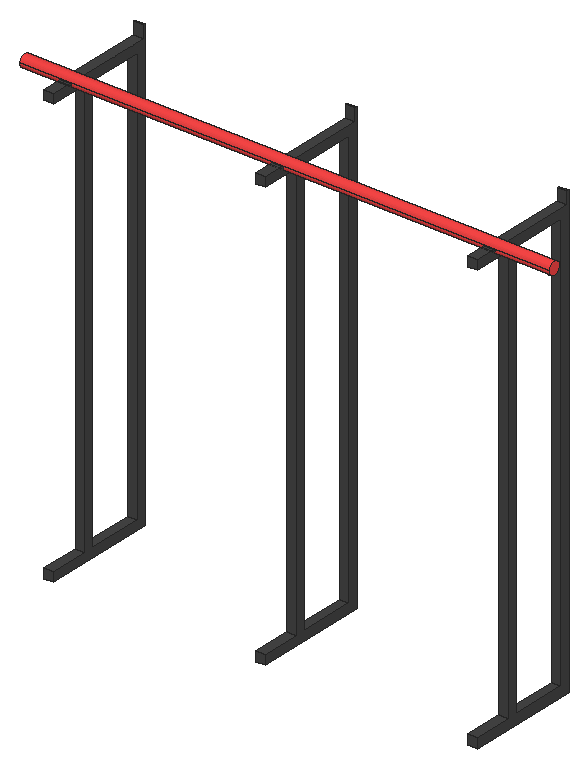
Revit family "Batería de cilindros de 80l en doble fila CO2_Aguilera Extincion", category Equipos especializados, Revit 2017
Family settings
  Anfitrión = Suelo
  Cota de conector redondo = Radio de uso
  Tipo de pieza = Normal
  Número OmniClass = 23.65.20.14.24
  Título OmniClass = Other Gas Storage Vessels
  Siempre vertical = Sí
  Corte con vacíos al cargar = No
  Compartido = Sí
  Punto de cálculo de habitación = No
Parameters (values of type "Batería 14 cilindros CO2 - 80 l")
  URL = "https://aguilera.es/?productos=bateria-formadas-con-botellas-en-doble-fila-para-co2"
  Símbolo texto = yes
  Símbolo = yes
  Radio colector = Diámetro colector / 2  # 31.75 mm
  R = Diámetro / 2  # 133.5 mm
  Número soportes = 3
  Número de cilindros pares = 7
  Número de cilindros impares = 7
  Modelo = "AEX/SBCO1480D"
  Lt = 2830 mm
  Lcc = Lt * 0.9 / (Número soportes - 0.75)  # 1132 mm
  Lc = 340 mm  # constant formula
  Ht = Hc + Diámetro colector  # 2338.5 mm
  Hd = 1770 mm
  H2 = 1200 mm
  H1 = 600 mm
  Fabricante = "Aguilera Extinción"  # constant formula
  Diámetro colector = 63.5 mm
  Descripción = "Batería de cilindros de alta presión de 80l. Fabricados en acero tratado térmicamente, sin soldadura, (según instrucción MIE AP7 de aparatos a presión y Directiva Europea 84/525/CEE). Presión de trabajo 60 bar, presión de prueba 250 bar, temperaturas de servicio de -20ºC a +50ºC. Grabados y pintados según normativa.\r\n\r\nEquipados con válvula principal AE-100 de 1” con apertura neumática a través del cabezal, válvulas antirretorno, latiguillos para el accionamiento neumático de disparo y latiguillos de descarga. Ensamblados en bastidor metálico con doble herraje de fijación y colector de descarga con rosca de acoplamiento a la instalación. Los bastidores pueden ser realizados mediante montaje de botellas en una sola fila o bastidor especial para montaje en doble fila."  # constant formula
  Diámetro = 267 mm
  Hc = 2275 mm  # constant formula
  Cilindro = Cilindro autonomo CO2_Aguilera Extincion : Cilindro autónomo CO2 - 80 l
Types (12, lengths in mm): name | Radio colector | Número soportes | Número de cilindros pares | Número de cilindros impares | Modelo | Lt | Lcc | Ht | Diámetro colector
  (no name) | 31.75 | 3 | 7 | 7 | "AEX/SBCO1480D" | 2830 | 1132 | 2338.5 | 63.5
  Batería 4 cilindros CO2 - 80 l | 15.9 | 2 | 2 | 2 | "AEX/SBCO480D" | 1069 | 769.68 | 2306.8 | 31.8
  Batería 5 cilindros CO2 - 80 l | 15.9 | 2 | 2 | 3 | "AEX/SBCO580D" | 1409 | 1014.48 | 2306.8 | 31.8
  Batería 6 cilindros CO2 - 80 l | 19.05 | 2 | 3 | 3 | "AEX/SBCO680D" | 1409 | 1014.48 | 2313.1 | 38.1
  Batería 7 cilindros CO2 - 80 l | 25.4 | 2 | 3 | 4 | "AEX/SBCO780D" | 1749 | 1259.28 | 2325.8 | 50.8
  Batería 8 cilindros CO2 - 80 l | 25.4 | 2 | 4 | 4 | "AEX/SBCO880D" | 1749 | 1259.28 | 2325.8 | 50.8
  Batería 9 cilindros CO2 - 80 l | 25.4 | 2 | 4 | 5 | "AEX/SBCO980D" | 2089 | 1504.08 | 2325.8 | 50.8
  Batería 10 cilindros CO2 - 80 l | 25.4 | 2 | 5 | 5 | "AEX/SBCO1080D" | 2089 | 1504.08 | 2325.8 | 50.8
  Batería 11 cilindros CO2 - 80 l | 25.4 | 2 | 5 | 6 | "AEX/SBCO1180D" | 2429 | 1748.88 | 2325.8 | 50.8
  Batería 12 cilindros CO2 - 80 l | 31.75 | 2 | 6 | 6 | "AEX/SBCO1280D" | 2429 | 1748.88 | 2338.5 | 63.5
  Batería 13 cilindros CO2 - 80 l | 31.75 | 3 | 6 | 7 | "AEX/SBCO1380D" | 2769 | 1107.6 | 2338.5 | 63.5
  Batería 14 cilindros CO2 - 80 l | 31.75 | 3 | 7 | 7 | "AEX/SBCO1480D" | 2830 | 1132 | 2338.5 | 63.5
Reference planes
  plane 1 "Centro (Frontal/Posterior)": y = 0
  plane 2: z = 0
  plane 3 "Centro (Izquierda/Derecha)": x = 0
  plane 4: y = 133.5
  plane 5: z = 600
  plane 6: z = 1200
  plane 7: z = 1565
  plane 8: z = 1703.58
  plane 9: z = 1770
  plane 10: z = 2275
  plane 11: x = -154
  plane 12: z = 2338.5
  plane 13: x = -600
  plane 14: x = 2230
  plane 15: y = 153.5
  plane 16: x = -380
  plane 17: y = 40.5
  plane 18: z = 2318.5
  plane 19: y = -198.5
  plane 20: y = -311.5
Forms (mm)
  Extrusion 1, solid, material "Acero rojo"
    sketch origin (0, 0, 0) x (0, 1, 0) y (0, 0, 1)
      loop
        circle (-311.5, 2306.75) r 31.75
    from -600 to 2230
Dimensions and locks
  "H1": plane 5 to plane 2
  "H2": plane 6 to plane 2
  "Hd": plane 9 to plane 2
  "Hc": plane 10 to plane 2
  locked: plane 11 to plane 3 "Centro (Izquierda/Derecha)" at 154
  locked: plane 9 to plane 8 at 66.42
  locked: plane 9 to plane 7 at 205
  "R": plane 1 "Centro (Frontal/Posterior)" to plane 4
  "Lt": plane 14 to plane 13
  "Ht": plane 12 to plane 2
  locked: plane 12 to plane 18 at 20
  "Ht": Extrusion 1 sketch curve to plane 2
  equal spacing: group 1, group 2, group 7, group 8, group 10, group 11, group 12  (x3)
  equal spacing: group 3, group 4, group 13  (x3)
  "Lcc": nested 3 to nested 4
  equal spacing: group 5, group 6, group 9, group 14, group 15, group 16, group 17  (x3)
  nested 5 to plane 13 = 446 mm
  "Radio colector": radius of Extrusion 1 sketch curve
  aligned and locked: level to plane 2
  aligned and locked: Extrusion 1 to plane 13
  aligned and locked: plane 14 to Extrusion 1
Automatic sketch dimensions
  Extrusion 1 sketch curve to plane 20 = 0 mm
Nested families
  nested 1: "Cilindro autonomo CO2_Aguilera Extincion" at (-154, 0, 0), type <- "Cilindro", type "Cilindro autónomo CO2 - 80 l", not visible
  nested 2: "Cilindro autonomo CO2_Aguilera Extincion" at (186, 0, 0), type <- "Cilindro", type "Cilindro autónomo CO2 - 80 l", not visible
  nested 3: "Soporte doble" at (0, 153.5, -31.8), type "Soporte doble"
    with Ht 2338.5 mm
  nested 4: "Soporte doble" at (1132, 153.5, -31.8), type "Soporte doble"
    with Ht 2338.5 mm
  nested 5: "Cilindro autonomo CO2_Aguilera Extincion" at (-154, -352, 0), type <- "Cilindro", type "Cilindro autónomo CO2 - 80 l", not visible
  nested 6: "Cilindro autonomo CO2_Aguilera Extincion" at (186, -352, 0), type <- "Cilindro", type "Cilindro autónomo CO2 - 80 l", not visible
  nested 7: "S_Cilindros_Aguilera Extinción" at (1226.5, -135.5, 0), visible <- "Símbolo", type "S_Cilindros_Aguilera Extinción", detail levels coarse
  nested 8: "Cilindro autonomo CO2_Aguilera Extincion" at (526, 0, 0), type <- "Cilindro", type "Cilindro autónomo CO2 - 80 l", not visible
  nested 9: "Cilindro autonomo CO2_Aguilera Extincion" at (866, 0, 0), type <- "Cilindro", type "Cilindro autónomo CO2 - 80 l", not visible
  nested 10: "Cilindro autonomo CO2_Aguilera Extincion" at (526, -352, 0), type <- "Cilindro", type "Cilindro autónomo CO2 - 80 l", not visible
  nested 11: "Cilindro autonomo CO2_Aguilera Extincion" at (1206, 0, 0), type <- "Cilindro", type "Cilindro autónomo CO2 - 80 l", not visible
  nested 12: "Cilindro autonomo CO2_Aguilera Extincion" at (1546, 0, 0), type <- "Cilindro", type "Cilindro autónomo CO2 - 80 l", not visible
  nested 13: "Cilindro autonomo CO2_Aguilera Extincion" at (1886, 0, 0), type <- "Cilindro", type "Cilindro autónomo CO2 - 80 l", not visible
  nested 14: "Soporte doble" at (2264, 153.5, -31.8), type "Soporte doble"
    with Ht 2338.5 mm
  nested 15: "Cilindro autonomo CO2_Aguilera Extincion" at (866, -352, 0), type <- "Cilindro", type "Cilindro autónomo CO2 - 80 l", not visible
  nested 16: "Cilindro autonomo CO2_Aguilera Extincion" at (1206, -352, 0), type <- "Cilindro", type "Cilindro autónomo CO2 - 80 l", not visible
  nested 17: "Cilindro autonomo CO2_Aguilera Extincion" at (1546, -352, 0), type <- "Cilindro", type "Cilindro autónomo CO2 - 80 l", not visible
  nested 18: "Cilindro autonomo CO2_Aguilera Extincion" at (1886, -352, 0), type <- "Cilindro", type "Cilindro autónomo CO2 - 80 l", not visible
Connectors
  piping at (-600, -311.5, 2306.75), diameter 63.5, driven by "Radio colector"
    settings: on Extrusion 1, index 1, connector inside diameter 609.6 mm, connector length 0 mm, flow factor 0, pipe flow 0.0 L/s, pressure drop 0.0 Pa, fitting loss kfactor 0, connector angle 0.00°, fixture units 0, engagement length 0 mm, angle of deflection 0.00°, flow configuration 0, flow direction 0, fitting loss method 0, system type 28, joint type 0, gender type 0, connector reference index -1, connector utility 0, adjustable connector no, is connector primary yes, connector description ""
  piping at (2230, -311.5, 2306.75), diameter 63.5, driven by "Radio colector"
    settings: on Extrusion 1, index 2, connector inside diameter 609.6 mm, connector length 0 mm, flow factor 0, pipe flow 0.0 L/s, pressure drop 0.0 Pa, fitting loss kfactor 0, connector angle 0.00°, fixture units 0, engagement length 0 mm, angle of deflection 0.00°, flow configuration 0, flow direction 0, fitting loss method 0, system type 28, joint type 0, gender type 0, connector reference index -1, connector utility 0, adjustable connector no, is connector primary no, connector description ""
  piping at (-600, -311.5, 2306.75), diameter 63.5, driven by "Radio colector"
    settings: on Extrusion 1, index 3, connector inside diameter 609.6 mm, connector length 0 mm, flow factor 0, pipe flow 0.0 L/s, pressure drop 0.0 Pa, fitting loss kfactor 0, connector angle 0.00°, fixture units 0, engagement length 0 mm, angle of deflection 0.00°, flow configuration 0, flow direction 0, fitting loss method 0, system type 28, joint type 0, gender type 0, connector reference index -1, connector utility 0, adjustable connector no, is connector primary no, connector description ""
Definition of nested family "Cilindro autonomo CO2_Aguilera Extincion"
  Parameters (values of type "Cilindro autónomo CO2 - 67 l")
    URL = "https://aguilera.es/?productos=botellas-autonomas-de-4-7-a-120-l-para-co2"
    Símbolo texto = yes
    Símbolo = yes
    R3 = R2 * 0.2  # 21.9 mm
    R2 = R * 0.75  # 109.5 mm
    R = Diámetro / 2  # 146 mm
    Model = "AEX/CO67A"
    Herraje 2 = no
    Hd = 1600 mm
    H2 = 800 mm
    H1 = 200 mm
    Manufacturer = "Aguilera Extinción"  # constant formula
    Description = "Cilindro autónomo, fabricado en acero aleado tratado térmicamente sin soldadura, (según instrucción MIE AP7 de aparatos a presión y Directiva Europea 84/525/CEE). Presión de trabajo 60 bar, presión de prueba 250 bar, temperatura de servicio de -20ºC a +50ºC. Grabados y pintados según normativa."  # constant formula
    Diámetro = 292 mm
    H = 1650 mm
    D2 = 402 mm
    Type Comments = "Equipados con:\r\nVálvula principal AE-100 de 1” fabricada en latón forjado con pistón y eje de acero inoxidable. Provista con disco de seguridad y válvula de alivio para evitar el disparo encaso de fugas.\r\nTubo sifón.\r\nSolenoide de disparo (alimentación 24V y 500mA de consumo).\r\nHerraje de sujeción.\r\nBrida.\r\nCaperuzo protector."  # constant formula
  Types (5, lengths in mm): name | R3 | R2 | R | Model | Hd | H2 | Diámetro | H | D2
    Cilindro autónomo CO2 - 6.7 l | 14.85 | 74.25 | 99 | "AEX/CO6A" | 700 | 350 | 198 | 750 | 274
    Cilindro autónomo CO2 - 13.4 l | 14.85 | 74.25 | 99 | "AEX/CO13A" | 1100 | 550 | 198 | 1150 | 274
    Cilindro autónomo CO2 - 26.8 l | 19.125 | 95.625 | 127.5 | "AEX/CO26A" | 1000 | 500 | 255 | 1050 | 364
    Cilindro autónomo CO2 - 67 l | 21.9 | 109.5 | 146 | "AEX/CO67A" | 1600 | 800 | 292 | 1650 | 402
    Cilindro autónomo CO2 - 80 l | 21.9 | 109.5 | 146 | "AEX/CO80A" | 1777 | 900 | 292 | 1827 | 402
  Reference planes
    plane 1 "Centro (Frontal/Posterior)": y = 0
    plane 2: z = 0
    plane 3 "Centro (Izquierda/Derecha)": x = 0
    plane 4: y = 146
    plane 5: z = 200
    plane 6: z = 800
    plane 7: z = 1395
    plane 8: z = 1533.58
    plane 9: z = 1600
    plane 10: z = 1650
    plane 11: x = -154
    plane 12: x = -146
    plane 13: x = 146
    plane 14: x = -146
    plane 15: x = 146
    plane 16: x = -133.5
    plane 17: x = 158.5
  Forms (mm)
    Extrusion 1, solid
      sketch origin (0, 0, 0) x (1, 0, 0) y (0, 1, 0)
        loop
          circle (0, 0) r 146
      from 0 to 1395
    Extrusion 2, solid
      sketch origin (-745.59, -6000, 1533.58) x (-1, 0, 0) y (0, -1, 0)
        loop
          circle (-745.59, -6000) r 21.9
      from 0 to 116.42
    Extrusion 3, solid, detail levels fine
      sketch origin (-40, 0, 0) x (0, 1, 0) y (0, 0, 1)
        loop
          line (13.01, 1622.534) -> (-13.01, 1622.534) -> (-26.02, 1600) -> (-13.01, 1577.466) -> (13.01, 1577.466) -> (26.02, 1600) -> (13.01, 1622.534)
      from -5 to -30
    Extrusion 4, solid, detail levels fine
      sketch origin (-70, 0, 0) x (0, -1, 0) y (0, 0, 1)
        loop
          circle (0, 1600) r 21.9
      from -70 to -25
    Revolve 5, solid
      sketch origin (0, 0, 0) x (1, 0, 0) y (0, 0, 1)
        loop
          line (-146, 1395) -> (0, 1395) -> (0, 1533.58) -> (-40, 1533.58)
          arc (-40, 1533.58) -> (-112.105, 1478.903) -> (-146, 1395) r 170.221
        axis (0, 1533.58) -> (0, 1395)
      angle from 0 to 360
    Extrusion 6, solid, detail levels fine
      sketch origin (-745.59, -6000, 800) x (-1, 0, 0) y (0, -1, 0)
        loop
          line (-544.59, -6166) -> (-544.59, -6146) -> (-590.59, -6146) -> (-590.59, -6000)
          arc (-590.59, -6000) -> (-745.59, -5845) -> (-900.59, -6000) r 155
          line (-900.59, -6000) -> (-900.59, -6146) -> (-946.59, -6146) -> (-946.59, -6166) -> (-544.59, -6166)
        loop
          arc (-599.59, -6000) -> (-745.59, -5854) -> (-891.59, -6000) r 146
          line (-891.59, -6000) -> (-891.59, -6146) -> (-599.59, -6146) -> (-599.59, -6000)
      from 20 to -20
    Extrusion 7, solid, visible <- "Herraje 2", detail levels fine
      sketch origin (-745.59, -6000, 200) x (-1, 0, 0) y (0, -1, 0)
        loop
          line (-544.59, -6166) -> (-544.59, -6146) -> (-590.59, -6146) -> (-590.59, -6000)
          arc (-590.59, -6000) -> (-745.59, -5845) -> (-900.59, -6000) r 155
          line (-900.59, -6000) -> (-900.59, -6146) -> (-946.59, -6146) -> (-946.59, -6166) -> (-544.59, -6166)
        loop
          arc (-599.59, -6000) -> (-745.59, -5854) -> (-891.59, -6000) r 146
          line (-891.59, -6000) -> (-891.59, -6146) -> (-599.59, -6146) -> (-599.59, -6000)
      from 20 to -20
    Extrusion 8, solid, detail levels fine
      sketch origin (-745.59, -6000, 1650) x (-1, 0, 0) y (0, -1, 0)
        loop
          line (-731.103, -6024.486) -> (-717.015, -6000.085) -> (-731.103, -5975.683) -> (-759.279, -5975.683) -> (-773.367, -6000.085) -> (-759.279, -6024.486) -> (-731.103, -6024.486)
      from 0 to 20
    Extrusion 9, solid, detail levels fine
      sketch origin (-745.59, -6000, 1533.58) x (-1, 0, 0) y (0, -1, 0)
        loop
          circle (-745.59, -5998.341) r 109.5
      from 0 to 10
  Lines and regions (mm)
    symbolic lines
      curve 1: line (0, 186, 0) -> (0, 146, 0)
      curve 2: line (-25, 166, 0) -> (25, 166, 0)
      curve 3: circle (0, 166, 0) r 15 normal (0, 0, 1)
  Dimensions and locks
    "H1": plane 5 to plane 2
    "H2": plane 6 to plane 2
    "Hd": plane 9 to plane 2
    "H": plane 10 to plane 2
    locked: plane 11 to plane 3 "Centro (Izquierda/Derecha)" at 154
    equal spacing: plane 12, plane 3 "Centro (Izquierda/Derecha)", plane 13
    "Diámetro": plane 12 to plane 13
    locked: plane 9 to plane 8 at 66.42
    locked: plane 9 to plane 7 at 205
    "R": plane 1 "Centro (Frontal/Posterior)" to plane 4
    equal spacing: plane 14, plane 3 "Centro (Izquierda/Derecha)", plane 15
    "Diámetro": plane 14 to plane 15
    equal spacing: Extrusion 6 sketch curve, plane 3 "Centro (Izquierda/Derecha)", Extrusion 6 sketch curve
    "D2": Extrusion 6 sketch curve to Extrusion 6 sketch curve
    plane 16 to plane 17 = 292 mm
    "Diámetro": plane 16 to plane 17
    Extrusion 7 sketch curve to Extrusion 7 sketch curve = 402 mm
    "D2": Extrusion 7 sketch curve to Extrusion 7 sketch curve
    equal spacing: Extrusion 6, plane 3 "Centro (Izquierda/Derecha)", Extrusion 6
    equal spacing: Extrusion 7, plane 3 "Centro (Izquierda/Derecha)", Extrusion 7
    locked: Extrusion 7 to Extrusion 7 at 9  (x2)
    "Diámetro": diameter of Extrusion 1 sketch curve
    "R2": radius of Extrusion 9 sketch curve
    "R3": radius of Extrusion 2 sketch curve
    "R3": radius of Extrusion 4 sketch curve
    aligned and locked: level to plane 2
    aligned and locked: plane 7 to Extrusion 1
    aligned and locked: plane 10 to Extrusion 2
    aligned and locked: Extrusion 2 to plane 8
    aligned and locked: plane 3 "Centro (Izquierda/Derecha)" to Extrusion 4
    aligned and locked: Revolve 5 sketch curve to plane 3 "Centro (Izquierda/Derecha)"  (x2)
    aligned and locked: Revolve 5 sketch curve to plane 7
    aligned and locked: Extrusion 6 sketch curve to Extrusion 6 sketch curve  (x2)
    aligned and locked: Extrusion 6 sketch curve to plane 4
    aligned and locked: Extrusion 6 sketch curve to plane 15
    aligned and locked: Extrusion 6 sketch curve to plane 14
    aligned and locked: Extrusion 7 sketch curve to Extrusion 7 sketch curve  (x2)
    aligned and locked: Extrusion 7 sketch curve to Extrusion 6  (x3)
    aligned and locked: plane 8 to Revolve 5 sketch curve
  Automatic sketch dimensions
    curve 1 to plane 3 "Centro (Izquierda/Derecha)" = 0 mm
    curve 3 to plane 3 "Centro (Izquierda/Derecha)" = 0 mm
    curve 1 to plane 4 = 0 mm
    curve 1 to curve 3 = 20 mm
    curve 2 to plane 3 "Centro (Izquierda/Derecha)" = 25 mm
    plane 3 "Centro (Izquierda/Derecha)" to curve 2 = 25 mm
    plane 4 to curve 2 = 20 mm
    curve 3 to curve 1 = 20 mm
    Extrusion 3 sketch curve to plane 9 = 0 mm  (x2)
    plane 1 "Centro (Frontal/Posterior)" to Extrusion 3 sketch curve = 26.02 mm
    plane 1 "Centro (Frontal/Posterior)" to Extrusion 3 sketch curve = 13.01 mm  (x2)
    Extrusion 3 sketch curve to plane 1 "Centro (Frontal/Posterior)" = 13.01 mm  (x2)
    Extrusion 3 sketch curve to Extrusion 3 sketch curve = 13.01 mm
    Extrusion 3 sketch curve to plane 9 = 22.534 mm
    plane 9 to Extrusion 3 sketch curve = 22.534 mm
    Extrusion 8 sketch curve to plane 1 "Centro (Frontal/Posterior)" = 0.085 mm  (x2)
    plane 3 "Centro (Izquierda/Derecha)" to Extrusion 8 sketch curve = 27.777 mm
    plane 3 "Centro (Izquierda/Derecha)" to Extrusion 8 sketch curve = 13.689 mm  (x2)
    Extrusion 8 sketch curve to plane 3 "Centro (Izquierda/Derecha)" = 14.487 mm  (x2)
    Extrusion 8 sketch curve to Extrusion 8 sketch curve = 14.088 mm
    Extrusion 8 sketch curve to plane 1 "Centro (Frontal/Posterior)" = 24.486 mm
    plane 1 "Centro (Frontal/Posterior)" to Extrusion 8 sketch curve = 24.317 mm
    plane 1 "Centro (Frontal/Posterior)" to Extrusion 1 sketch curve = 0 mm
    Extrusion 1 sketch curve to plane 3 "Centro (Izquierda/Derecha)" = 0 mm
    plane 1 "Centro (Frontal/Posterior)" to Extrusion 2 sketch curve = 0 mm
    Extrusion 2 sketch curve to plane 3 "Centro (Izquierda/Derecha)" = 0 mm
    Extrusion 4 sketch curve to Extrusion 3 = 22.534 mm  (x2)
    plane 12 to Revolve 5 sketch curve = 0 mm
    Revolve 5 sketch curve to plane 3 "Centro (Izquierda/Derecha)" = 40 mm
    Revolve 5 sketch curve to plane 7 = 19.514 mm
    Revolve 5 sketch curve to Revolve 5 sketch curve = 1.762 mm
    plane 10 to Revolve 5 sketch curve = 47 mm
    Extrusion 6 sketch curve to Extrusion 6 sketch curve = 0 mm  (x2)
    plane 1 "Centro (Frontal/Posterior)" to Extrusion 6 sketch curve = 0 mm
    Extrusion 6 sketch curve to plane 15 = 9 mm
    Extrusion 6 sketch curve to Extrusion 6 sketch curve = 20 mm
    Extrusion 7 sketch curve to Extrusion 7 sketch curve = 0 mm  (x2)
    Extrusion 7 sketch curve to plane 4 = 0 mm
    plane 1 "Centro (Frontal/Posterior)" to Extrusion 7 sketch curve = 0 mm
    plane 17 to Extrusion 7 sketch curve = 3.5 mm
    Extrusion 7 sketch curve to Extrusion 7 sketch curve = 20 mm
    Extrusion 9 sketch curve to plane 3 "Centro (Izquierda/Derecha)" = 0 mm
    plane 1 "Centro (Frontal/Posterior)" to Extrusion 9 sketch curve = 1.659 mm
    radius of curve 3 = 15 mm
  Nested families
    nested 1: "S_Cilindro_Aguilera Extinción" at (0, 0, 0), visible <- "Símbolo", type "S_Cilindro_Aguilera Extinción", detail levels coarse
  Definition of nested family "S_Cilindro_Aguilera Extinción"
    Parameters (values of type "S_Cilindro_Aguilera Extinción")
      Texto símbolo = "Cilindros"
      Texto modelo = yes
      Modelo = "Cilindros"
    Reference planes
      plane 1: y = 0
      plane 2: x = 0
    Lines and regions (mm)
      detail lines
        curve 1: line (-1.703, -1.659, 0) -> (1.659, -1.659, 0)
        curve 2: line (-1.703, 1.659, 0) -> (-1.703, -1.659, 0)
        curve 3: line (1.659, 1.659, 0) -> (-1.703, 1.659, 0)
        curve 4: line (1.659, -1.659, 0) -> (1.659, 1.659, 0)
        curve 5: circle (0, 0, 0) r 1.659 normal (0, 0, 1)
    Text (mm)
      label "Texto símbolo" at (-0.164, 3.111, 0), shows "Texto símbolo"
      label "Modelo" at (-0.164, -2.652, 0), shows "Modelo", visible <- "Texto modelo"
Definition of nested family "Soporte doble"
  Parameters (values of type "Soporte doble")
    Ht = 2334 mm
  Reference planes
    plane 1 "Centro (Frontal/Posterior)": y = 0
    plane 2: z = 0
    plane 3 "Centro (Izquierda/Derecha)": x = 0
    plane 4: z = 2334
  Forms (mm)
    Extrusion 1, solid
      sketch origin (-380, -6153.5, 976.911) x (0, 0, 1) y (0, -1, 0)
        loop
          line (1422.089, -6153.5) -> (1422.089, -6143.5) -> (1357.089, -6143.5) -> (1357.089, -5543.5) -> (1307.089, -5543.5) -> (1307.089, -5751.5) -> (-926.911, -5751.5) -> (-926.911, -5543.5) -> (-976.911, -5543.5) -> (-976.911, -6153.5) -> (1422.089, -6153.5)
        loop
          line (-925.275, -6103.5) -> (1305.454, -6103.5) -> (1305.454, -5801.5) -> (-925.275, -5801.5) -> (-925.275, -6103.5)
      from 0 to 50
  Lines and regions (mm)
    symbolic lines
      curve 1: line (-355, 20, 0) -> (-355, -20, 0)
      curve 2: line (-380, 0, 0) -> (-330, 0, 0)
      curve 3: circle (-355, 0, 0) r 15 normal (0, 0, 1)
  Dimensions and locks
    "Ht": plane 4 to plane 2
    aligned and locked: level to plane 2
    aligned and locked: Extrusion 1 sketch curve to plane 4
    aligned and locked: plane 1 "Centro (Frontal/Posterior)" to Extrusion 1 sketch curve
  Automatic sketch dimensions
    plane 1 "Centro (Frontal/Posterior)" to curve 2 = 0 mm
    plane 1 "Centro (Frontal/Posterior)" to curve 3 = 0 mm
    curve 3 to plane 3 "Centro (Izquierda/Derecha)" = 355 mm
    curve 1 to curve 3 = 0 mm
    curve 2 to curve 3 = 25 mm
    curve 3 to curve 2 = 25 mm
    plane 1 "Centro (Frontal/Posterior)" to curve 1 = 20 mm
    curve 1 to plane 1 "Centro (Frontal/Posterior)" = 20 mm
    Extrusion 1 sketch curve to level = 0 mm
    Extrusion 1 sketch curve to Extrusion 1 sketch curve = 50 mm  (x2)
    level to Extrusion 1 sketch curve = 51.635 mm
    Extrusion 1 sketch curve to plane 4 = 51.635 mm
    Extrusion 1 sketch curve to plane 4 = 50 mm
    plane 1 "Centro (Frontal/Posterior)" to Extrusion 1 sketch curve = 10 mm
    Extrusion 1 sketch curve to Extrusion 1 sketch curve = 65 mm
    plane 1 "Centro (Frontal/Posterior)" to Extrusion 1 sketch curve = 50 mm
    Extrusion 1 sketch curve to Extrusion 1 sketch curve = 302 mm
    Extrusion 1 sketch curve to Extrusion 1 sketch curve = 208 mm  (x2)
    radius of curve 3 = 15 mm
Definition of nested family "S_Cilindros_Aguilera Extinción"
  Parameters (values of type "S_Cilindros_Aguilera Extinción")
    Texto símbolo = "Cilindros"
    Texto modelo = yes
    Modelo = "Cilindros"
  Reference planes
    plane 1: y = 0
    plane 2: x = 0
  Lines and regions (mm)
    detail lines
      curve 1: line (-6.666, -1.659, 0) -> (6.654, -1.659, 0)
      curve 2: line (-6.666, 1.659, 0) -> (-6.666, -1.659, 0)
      curve 3: line (6.654, 1.659, 0) -> (-6.666, 1.659, 0)
      curve 4: line (6.654, -1.659, 0) -> (6.654, 1.659, 0)
      curve 5: circle (-4.976, 0, 0) r 1.659 normal (0, 0, 1)
      curve 6: circle (-1.659, 0, 0) r 1.659 normal (0, 0, 1)
      curve 7: circle (1.659, 0, 0) r 1.659 normal (0, 0, 1)
      curve 8: circle (4.976, 0, 0) r 1.659 normal (0, 0, 1)
  Text (mm)
    label "Texto símbolo" at (-0.164, 3.111, 0), shows "Texto símbolo"
    label "Modelo" at (-0.164, -2.652, 0), shows "Modelo", visible <- "Texto modelo"
